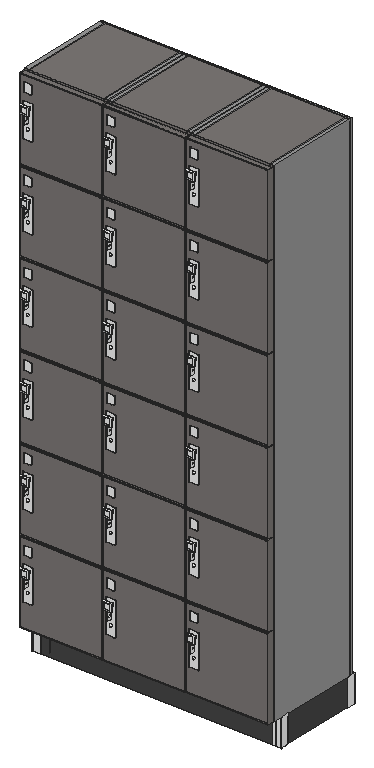
Revit family "Wood_Lockers_Hasps-Salsbury_Industries-46000_Series-3_Wide_Units.rfa", category Specialty Equipment, Revit 2016 (continued)
Definition of nested family "Premier Locker Doors_Hasp"
  Forms (in)
    Extrusion 12, solid
      sketch origin (-1.875, -0.375, 0) x (1, 0, 0) y (0, 0, 1)
        loop
          arc (-2.3125, 33.4375) -> (-2.22411, 33.47411) -> (-2.1875, 33.5625) r 0.125
          line (-2.1875, 33.5625) -> (-2.1875, 38.1875)
          arc (-2.1875, 38.1875) -> (-2.22411, 38.27589) -> (-2.3125, 38.3125) r 0.125
      from 0 to -0.062
    Extrusion 13, void
      sketch origin (-1.875, -0.375, 0) x (1, 0, 0) y (0, 0, 1)
        loop
          line (-3.1255, 36.6245) -> (-3.1255, 35.74816)
          arc (-3.1255, 35.74816) -> (-2.9375, 35.56016) -> (-2.7495, 35.74816) r 0.188
          line (-2.7495, 35.74816) -> (-2.7495, 36.6245)
          arc (-2.7495, 36.6245) -> (-2.9375, 36.8125) -> (-3.1255, 36.6245) r 0.188
      from 0 to -0.75
    Sweep 14, solid, detail levels medium+fine
      path origin (-1.875, -0.375, 0) x (1, 0, 0) y (0, 0, 1)
        loop
          circle (-2.9375, 34.8125) r 0.01
      profile origin (-4.8125, -0.375, 34.8225) x (0, 0, -1) y (0, -1, 0)
        loop
          line (0, 0) -> (0, 0.125)
          arc (0, 0.125) -> (-0.10032, 0.09036) -> (-0.156, 0) r 0.15776
          line (-0.156, 0) -> (0, 0)
    Extrusion 15, solid, detail levels medium+fine
      sketch origin (-1.875, -0.375, 0) x (1, 0, 0) y (0, 0, 1)
        loop
          circle (-2.9375, 34.8125) r 0.01
      from 0 to 0.125
    Sweep 16, solid
      path origin (-1.875, -0.375, 0) x (1, 0, 0) y (0, 0, 1)
        loop
          line (-3.5625, 38.1875) -> (-3.5625, 36.9375) -> (-2.3125, 36.9375) -> (-2.3125, 38.1875) -> (-3.5625, 38.1875)
      profile origin (-4.8125, -0.375, 38.1875) x (0, 0, 1) y (0, -1, 0)
        loop
          line (-0.38067, 0) -> (-0.38067, 0.24142)
          arc (-0.38067, 0.24142) -> (-0.34525, 0.34191) -> (-0.25465, 0.39797) r 0.16024
          arc (-0.25465, 0.39797) -> (-0.10494, 0.46941) -> (0, 0.59789) r 0.37946
          spline (0, 0.59789) -> (-0.00179, 0.61485) -> (-0.00715, 0.6316) -> (-0.01601, 0.64793) -> (-0.02825, 0.66364) -> (-0.04373, 0.67852) -> (-0.06225, 0.6924) -> (-0.08358, 0.7051) -> (-0.10745, 0.71647) -> (-0.13357, 0.72635) -> (-0.16161, 0.73463) -> (-0.19123, 0.74121) -> (-0.22204, 0.746)
          arc (-0.22204, 0.746) -> (-0.31051, 0.60028) -> (-0.42829, 0.47704) r 0.78682
          arc (-0.42829, 0.47704) -> (-0.50625, 0.37521) -> (-0.53396, 0.25) r 0.29673
          line (-0.53396, 0.25) -> (-0.53396, 0) -> (-0.38067, 0)
    Blend 17, solid
      base sketch origin (-1.875, -1.125, 0) x (0, 0, -1) y (-1, 0, 0)
        loop
          line (-37.96546, 3.34046) -> (-37.96546, 2.53454) -> (-37.15954, 2.53454) -> (-37.15954, 3.34046) -> (-37.96546, 3.34046)
      top sketch origin (-1.875, -1.125, 0) x (0, 0, -1) y (-1, 0, 0)
        loop
          line (-37.93279, 3.30777) -> (-37.93279, 2.56715) -> (-37.19211, 2.56715) -> (-37.19211, 3.30777) -> (-37.93279, 3.30777)
      from 0 to 0.031
    Extrusion 18, solid
      sketch origin (-4.8125, 0, 0) x (0, 0, -1) y (0, -1, 0)
        loop
          line (-35.6844, 1) -> (-36.6844, 1) -> (-36.6844, -0.375) -> (-35.6844, -0.375) -> (-35.6844, 1)
      from -0.063 to 0.063
    Extrusion 19, void
      sketch origin (-4.8125, 35.51803, 36.85077) x (0, 1, 0) y (0, 0, -1)
        loop
          circle (-36.1844, 0.66637) r 0.25
      from -0.063 to 0.063
  Cuts and joins
    Extrusion 5, Extrusion 13 cuts Extrusion 1
    Extrusion 5, Extrusion 11 cuts Extrusion 3
    Extrusion 13 cuts Extrusion 12
    Extrusion 13 cuts Extrusion 2
    Extrusion 19 cuts Extrusion 18
  Lines and regions (in)
    symbolic lines
      curve 1: line (-5.9375, 0.375, 0) -> (5.9375, 0.375, 0)
      curve 2: line (5.9375, 0.375, 0) -> (5.9375, 0.375, 71.75)
      curve 3: line (5.9375, 0.375, 71.75) -> (-5.9375, 0.375, 71.75)
      curve 4: line (-5.9375, 0.375, 71.75) -> (-5.9375, 0.375, 0)
      curve 5: line (-5.9375, 0.375, 71.625) -> (5.9375, 0.375, 71.625)
      curve 6: line (-5.9375, -0.375, 71.625) -> (-5.9375, 0.375, 71.625)
      curve 7: line (5.9375, -0.375, 71.625) -> (-5.9375, -0.375, 71.625)
      curve 8: line (5.9375, 0.375, 71.625) -> (5.9375, -0.375, 71.625)
      curve 9: line (5.3125, 0.375, 71.625) -> (5.3125, 0.625, 71.625)
      curve 10: line (5.3125, 0.625, 71.625) -> (4.8125, 0.625, 71.625)
      curve 11: line (4.8125, 0.625, 71.625) -> (4.8125, 0.375, 71.625)
      curve 12: line (-5.73713, 0.375, 71.625) -> (-5.73713, 0.625, 71.625)
      curve 13: line (-5.2375, 0.375, 71.625) -> (-5.2375, 0.625, 71.625)
      curve 14: line (-5.2375, 0.625, 71.625) -> (-5.73713, 0.625, 71.625)
      curve 15: line (-4.8125, -0.375, 71.75) -> (-4.8125, 0.375, 71.75)
      curve 16: line (-4.8125, -0.375, 0) -> (-4.8125, -0.375, 71.75)
      curve 17: line (-4.8125, 0.375, 0) -> (-4.8125, -0.375, 0)
      curve 18: line (-4.8125, 0.375, 71.75) -> (-4.8125, 0.375, 0)
      curve 19: line (-4.8125, 0.375, 69) -> (-4.8125, 0.625, 69)
      curve 20: line (-4.8125, 0.625, 69) -> (-4.8125, 0.625, 68.5)
      curve 21: line (-4.8125, 0.625, 68.5) -> (-4.8125, 0.375, 68.5)
      curve 22: line (-4.8125, 0.375, 3.25) -> (-4.8125, 0.625, 3.25)
      curve 23: line (-4.8125, 0.625, 3.25) -> (-4.8125, 0.625, 2.75)
      curve 24: line (-4.8125, 0.625, 2.75) -> (-4.8125, 0.375, 2.75)
      curve 25: line (-4.8125, 0.375, 36.125) -> (-4.8125, 0.625, 36.125)
      curve 26: line (-4.8125, 0.625, 36.125) -> (-4.8125, 0.625, 35.625)
      curve 27: line (-4.8125, 0.625, 35.625) -> (-4.8125, 0.375, 35.625)
      curve 28: line (-5.5625, -0.375, 71.625) -> (-4.0625, -0.375, 71.625)
      curve 29: line (-5.4375, -1.125, 38.3125) -> (-4.1875, -1.125, 38.3125)
      curve 30: arc (-4.0625, -1.125, 38.1875) -> (-4.09911, -1.125, 38.27589) -> (-4.1875, -1.125, 38.3125) r 0.125
      curve 31: arc (-5.4375, -1.125, 38.3125) -> (-5.52589, -1.125, 38.27589) -> (-5.5625, -1.125, 38.1875) r 0.125
      curve 32: line (-5.5625, -1.125, 33.5625) -> (-5.5625, -1.125, 38.1875)
      curve 33: line (-4.0625, -1.125, 38.1875) -> (-4.0625, -1.125, 33.5625)
      curve 34: arc (-4.1875, -1.125, 33.4375) -> (-4.09911, -1.125, 33.47411) -> (-4.0625, -1.125, 33.5625) r 0.125
      curve 35: arc (-5.5625, -1.125, 33.5625) -> (-5.52589, -1.125, 33.47411) -> (-5.4375, -1.125, 33.4375) r 0.125
      curve 36: line (-4.1875, -1.125, 33.4375) -> (-5.4375, -1.125, 33.4375)
      curve 37: arc (-4.6245, -1.125, 36.6245) -> (-4.8125, -1.125, 36.8125) -> (-5.0005, -1.125, 36.6245) r 0.188
      curve 38: arc (-5.0005, -1.125, 35.7505) -> (-4.8125, -1.125, 35.5625) -> (-4.6245, -1.125, 35.7505) r 0.188
      curve 39: line (-4.6245, -1.125, 36.6245) -> (-4.6245, -1.125, 35.7505)
      curve 40: line (-5.0005, -1.125, 35.7505) -> (-5.0005, -1.125, 36.6245)
      curve 41: line (-4.1875, -1.125, 36.9375) -> (-5.4375, -1.125, 36.9375)
      curve 42: line (-4.1875, -1.125, 38.1875) -> (-4.1875, -1.125, 36.9375)
      curve 43: line (-5.4375, -1.125, 36.9375) -> (-5.4375, -1.125, 38.1875)
      curve 44: line (-5.4375, -1.125, 38.1875) -> (-4.1875, -1.125, 38.1875)
      curve 45: line (-4.8755, -1.125, 36.6844) -> (-4.7495, -1.125, 36.6844)
      curve 46: line (-4.7495, -1.125, 36.6844) -> (-4.7495, -1.125, 35.6844)
      curve 47: line (-4.8755, -1.125, 35.6844) -> (-4.8755, -1.125, 36.6844)
      curve 48: line (-4.7495, -1.125, 35.6844) -> (-4.8755, -1.125, 35.6844)
      curve 49: line (-4.8125, -1, 36.6844) -> (-4.8125, -0.375, 36.6844)
      curve 50: line (-4.8125, -1, 35.6844) -> (-4.8125, -1, 36.6844)
      curve 51: line (-4.8125, -0.375, 35.6844) -> (-4.8125, -1, 35.6844)
      curve 52: arc (-4.8125, -0.91637, 36.1844) -> (-4.8125, -0.66637, 36.4344) -> (-4.8125, -0.41637, 36.1844) r 0.25
      curve 53: arc (-4.8125, -0.41637, 36.1844) -> (-4.8125, -0.66637, 35.9344) -> (-4.8125, -0.91637, 36.1844) r 0.25
      curve 54: line (-4.8125, -0.375, 37.31817) -> (-4.8125, -0.61642, 37.31817)
      curve 55: arc (-4.8125, -0.77297, 37.19215) -> (-4.8125, -0.71691, 37.28275) -> (-4.8125, -0.61642, 37.31817) r 0.16024
      curve 56: arc (-4.8125, -0.97289, 36.9375) -> (-4.8125, -0.84441, 37.04244) -> (-4.8125, -0.77297, 37.19215) r 0.37946
      curve 57: spline (-4.8125, -1.121, 37.15954) -> (-4.8125, -1.11621, 37.12873) -> (-4.8125, -1.10963, 37.09911) -> (-4.8125, -1.10135, 37.07107) -> (-4.8125, -1.09147, 37.04495) -> (-4.8125, -1.0801, 37.02108) -> (-4.8125, -1.0674, 36.99975) -> (-4.8125, -1.05352, 36.98123) -> (-4.8125, -1.03864, 36.96575) -> (-4.8125, -1.02293, 36.95351) -> (-4.8125, -1.0066, 36.94465) -> (-4.8125, -0.98985, 36.93929) -> (-4.8125, -0.97289, 36.9375)
      curve 58: line (-4.8125, -1.125, 37.15954) -> (-4.8125, -1.125, 37.96546)
      curve 59: spline (-4.8125, -1.121, 37.96546) -> (-4.8125, -1.11621, 37.99627) -> (-4.8125, -1.10963, 38.02589) -> (-4.8125, -1.10135, 38.05393) -> (-4.8125, -1.09147, 38.08005) -> (-4.8125, -1.0801, 38.10392) -> (-4.8125, -1.0674, 38.12525) -> (-4.8125, -1.05352, 38.14377) -> (-4.8125, -1.03864, 38.15925) -> (-4.8125, -1.02293, 38.17149) -> (-4.8125, -1.0066, 38.18035) -> (-4.8125, -0.98985, 38.18571) -> (-4.8125, -0.97289, 38.1875)
      curve 60: arc (-4.8125, -0.97289, 38.1875) -> (-4.8125, -0.84441, 38.08256) -> (-4.8125, -0.77297, 37.93285) r 0.37946
      curve 61: arc (-4.8125, -0.77297, 37.93285) -> (-4.8125, -0.71691, 37.84225) -> (-4.8125, -0.61642, 37.80683) r 0.16024
      curve 62: line (-4.8125, -0.61642, 37.80683) -> (-4.8125, -0.375, 37.80683)
      curve 63: line (-5.05683, -0.61642, 71.625) -> (-5.05683, -0.375, 71.625)
      curve 64: arc (-5.18285, -0.77297, 71.625) -> (-5.09225, -0.71691, 71.625) -> (-5.05683, -0.61642, 71.625) r 0.16024
      curve 65: arc (-5.4375, -0.97289, 71.625) -> (-5.33256, -0.84441, 71.625) -> (-5.18285, -0.77297, 71.625) r 0.37946
      curve 66: line (-4.40954, -1.125, 71.625) -> (-5.21546, -1.125, 71.625)
      curve 67: spline (-4.40954, -1.121, 71.625) -> (-4.37873, -1.11621, 71.625) -> (-4.34911, -1.10963, 71.625) -> (-4.32107, -1.10135, 71.625) -> (-4.29495, -1.09147, 71.625) -> (-4.27108, -1.0801, 71.625) -> (-4.24975, -1.0674, 71.625) -> (-4.23123, -1.05352, 71.625) -> (-4.21575, -1.03864, 71.625) -> (-4.20351, -1.02293, 71.625) -> (-4.19465, -1.0066, 71.625) -> (-4.18929, -0.98985, 71.625) -> (-4.1875, -0.97289, 71.625)
      curve 68: arc (-4.1875, -0.97289, 71.625) -> (-4.29244, -0.84441, 71.625) -> (-4.44215, -0.77297, 71.625) r 0.37946
      curve 69: arc (-4.44215, -0.77297, 71.625) -> (-4.53275, -0.71691, 71.625) -> (-4.56817, -0.61642, 71.625) r 0.16024
      curve 70: line (-4.56817, -0.375, 71.625) -> (-4.56817, -0.61642, 71.625)
      curve 71: spline (-5.21546, -1.121, 71.625) -> (-5.24627, -1.11621, 71.625) -> (-5.27589, -1.10963, 71.625) -> (-5.30393, -1.10135, 71.625) -> (-5.33005, -1.09147, 71.625) -> (-5.35392, -1.0801, 71.625) -> (-5.37525, -1.0674, 71.625) -> (-5.39377, -1.05352, 71.625) -> (-5.40925, -1.03864, 71.625) -> (-5.42149, -1.02293, 71.625) -> (-5.43035, -1.0066, 71.625) -> (-5.43571, -0.98985, 71.625) -> (-5.4375, -0.97289, 71.625)
    reference lines
      curve 72: line (-5.9375, 0, 71.75) -> (5.3435, 0, 71.75)
      curve 73: line (5.3435, 0, 71.75) -> (-5.9375, 0, 71.75)
  Dimensions and locks (in)
    equal spacing: plane 4 "Left Side of Door", plane 3 "Center (Left/Right)", plane 5 "Right Side of Door"
    "Width": plane 4 "Left Side of Door" to plane 5 "Right Side of Door"
    equal spacing: plane 7 "Front of Door", plane 1 "Center (Front/Back)", plane 6 "Back of Door"
    "Depth": plane 7 "Front of Door" to plane 6 "Back of Door"
    equal spacing: plane 9 "Top of Door", plane 10 "Center of Door", plane 8 "Bottom of Door"
    "Height": plane 9 "Top of Door" to plane 8 "Bottom of Door"
    equal spacing: plane 11 "Top of Number Tag", plane 16 "Center of Number Tag", plane 12 "Bottom of Number Tag"
    "Number Tag Height": plane 11 "Top of Number Tag" to plane 12 "Bottom of Number Tag"
    equal spacing: plane 14 "Right Side of Number Tag", plane 15 "Horizontal Center of Number Tag", plane 13 "Left Side of Number Tag"
    "Number Tag Width": plane 14 "Right Side of Number Tag" to plane 13 "Left Side of Number Tag"
    "Number Tag-Horizontal Offset": plane 15 "Horizontal Center of Number Tag" to plane 5 "Right Side of Door"
    "Number Tag-Vertical Offset": plane 9 "Top of Door" to plane 16 "Center of Number Tag"
    "Lock Horizontal Offset": plane 4 "Left Side of Door" to plane 17 "Left Side of Lock"
    equal spacing: plane 20 "Top of Lock", plane 19 "Lock Vertical Center", plane 21 "Bottom of Lock"
    "Lock Height": plane 20 "Top of Lock" to plane 21 "Bottom of Lock"
    "Lock Vertical Offset": plane 9 "Top of Door" to plane 19 "Lock Vertical Center"
    plane 22 "Front of Hasp Stud" to plane 7 "Front of Door" = 0.125"
    locked: plane 24 "Right Side of Door-Left Side of Trim" to plane 5 "Right Side of Door" at 0.125
    locked: plane 4 "Left Side of Door" to plane 23 "Left Side of Door-Right Side of Trim" at 0.125
    locked: plane 9 "Top of Door" to plane 25 "Top of Door-Bottom of Trim" at 0.125
    plane 26 "Bottom of Door-Top of Trim" to plane 8 "Bottom of Door" = 0.125"
    plane 28 "Melamine-Particleboard Line" to plane 6 "Back of Door" = 0.031"
    plane 7 "Front of Door" to plane 27 "Laminate-Particleboard Line" = 0.031"
    plane 27 "Laminate-Particleboard Line" to plane 29 "Back of Number Plate Inset" = 0.031"
    equal spacing: plane 18 "Right Side of Lock", plane 30 "Center of Lock", plane 17 "Left Side of Lock", locked at 0.75 each
    "Lock Width": plane 18 "Right Side of Lock" to plane 17 "Left Side of Lock"
    plane 22 "Front of Hasp Stud" to plane 31 = 0.312"
    plane 6 "Back of Door" to plane 32 "Door Stopper Plane" = 0.250"
    locked: plane 23 "Left Side of Door-Right Side of Trim" to plane 33 at 0.325
    locked: plane 25 "Top of Door-Bottom of Trim" to plane 34 at 0.325
    locked: plane 9 "Top of Door" to plane 35 "Top Hinge" at 3
    plane 36 to plane 5 "Right Side of Door" = 0.625"
    plane 6 "Back of Door" to plane 28 "Melamine-Particleboard Line" = 0.031"
    plane 9 "Top of Door" to plane 25 "Top of Door-Bottom of Trim" = 0.125"
    plane 7 "Front of Door" to plane 38 "Inner Knob" = 0.719"
    locked: plane 38 "Inner Knob" to plane 39 "Front of Knob" at 0.031
    locked: plane 40 to plane 20 "Top of Lock" at 1.125
    locked: plane 21 "Bottom of Lock" to plane 41 at 1.125
    locked: plane 20 "Top of Lock" to plane 42 at 0.125
    locked: plane 18 "Right Side of Lock" to plane 43 at 0.125
    locked: plane 44 to plane 17 "Left Side of Lock" at 0.125
    plane 42 to plane 45 = 1.250"
    locked: plane 45 to plane 46 "Top of Hole" at 0.125
    plane 48 to plane 30 "Center of Lock" to plane 47 = 0.188" locked, 0.188" locked
    locked: plane 46 "Top of Hole" to plane 49 "Bottom of Hole" at 1.25
    plane 49 "Bottom of Hole" to plane 50 "Stud Alignment" = 0.750"
    locked: plane 42 to plane 51 "Center of Handle" at 0.625
    plane 52 to plane 51 "Center of Handle" to plane 53 = 0.188" locked, 0.188" locked
    plane 7 "Front of Door" to plane 39 "Front of Knob" = 0.750"
    locked: plane 42 to plane 54 at 0.22204
    locked: plane 55 to plane 45 at 0.22204
    locked: plane 7 "Front of Door" to plane 56 "Front of Latch" at 0.625
    locked: plane 57 to plane 58 at 1
    locked: plane 46 "Top of Hole" to plane 57 at 0.1281
    equal spacing: plane 58, plane 59, plane 57
    locked: plane 60 to plane 5 "Right Side of Door" at 0.594
    locked: plane 57 to plane 61 at 0.0599
    locked: plane 62 to plane 58 at 0.06376
    plane 12 "Bottom of Number Tag" to plane 20 "Top of Lock" = 1.1875"
    aligned and locked: level to plane 2
    aligned and locked: Extrusion 5 to plane 11 "Top of Number Tag"
    aligned and locked: plane 12 "Bottom of Number Tag" to Extrusion 5
    aligned and locked: Extrusion 5 to plane 14 "Right Side of Number Tag"
    aligned and locked: Extrusion 5 to plane 13 "Left Side of Number Tag"
    aligned and locked: plane 29 "Back of Number Plate Inset" to Extrusion 5
    aligned and locked: plane 7 "Front of Door" to Extrusion 5
    aligned and locked: plane 29 "Back of Number Plate Inset" to Extrusion 6
    aligned and locked: plane 7 "Front of Door" to Extrusion 6
    aligned and locked: Extrusion 6 to plane 14 "Right Side of Number Tag"
    aligned and locked: Extrusion 6 to plane 13 "Left Side of Number Tag"
    aligned and locked: Extrusion 6 to plane 11 "Top of Number Tag"
    aligned and locked: plane 12 "Bottom of Number Tag" to Extrusion 6
    aligned and locked: curve 9 to Extrusion 8
    aligned and locked: curve 10 to Extrusion 8
    aligned and locked: curve 11 to Extrusion 8
    aligned and locked: Extrusion 7 to curve 12
    aligned and locked: curve 14 to Extrusion 7
    aligned and locked: curve 16 to plane 7 "Front of Door"
    aligned and locked: curve 19 to Extrusion 8  (x2)
    aligned and locked: curve 21 to Extrusion 8
    aligned and locked: curve 18 to curve 22
    aligned and locked: curve 22 to Extrusion 9  (x2)
    aligned and locked: curve 24 to Extrusion 9
    aligned and locked: curve 25 to Extrusion 10
    aligned and locked: curve 26 to Extrusion 10
    aligned and locked: curve 27 to Extrusion 10
    aligned and locked: plane 20 "Top of Lock" to Extrusion 11 sketch curve
    aligned and locked: Extrusion 11 sketch curve to plane 21 "Bottom of Lock"
    aligned and locked: Extrusion 11 to plane 29 "Back of Number Plate Inset"
    aligned and locked: plane 7 "Front of Door" to Extrusion 11
    aligned and locked: Extrusion 3 to Extrusion 11
    aligned and locked: plane 50 "Stud Alignment" to Sweep 14  (x2)
    aligned and locked: Extrusion 15 to plane 7 "Front of Door"
    aligned and locked: Extrusion 15 to plane 22 "Front of Hasp Stud"
    aligned and locked: plane 50 "Stud Alignment" to Extrusion 15
    aligned and locked: Blend 17 to plane 39 "Front of Knob"
    aligned and locked: plane 38 "Inner Knob" to Blend 17
    aligned and locked: plane 6 "Back of Door" to Extrusion 18 sketch curve
    aligned and locked: plane 56 "Front of Latch" to Extrusion 18 sketch curve
    aligned and locked: Extrusion 18 to plane 57
    aligned and locked: plane 58 to Extrusion 18
    aligned and locked: plane 59 to cut or joined group of Extrusion 18, Extrusion 19
    aligned and locked: plane 61 to Extrusion 13 sketch curve  (x2)
    aligned and locked: plane 62 to Extrusion 13 sketch curve  (x2)
  Automatic sketch dimensions
    Extrusion 1 sketch curve to plane 4 "Left Side of Door" = 0.031"
    plane 5 "Right Side of Door" to Extrusion 1 sketch curve = 0.031"
    level to Extrusion 1 sketch curve = 0.031"
    plane 9 "Top of Door" to Extrusion 1 sketch curve = 0.031"
    Extrusion 2 sketch curve to plane 4 "Left Side of Door" = 0.031"
    plane 5 "Right Side of Door" to Extrusion 2 sketch curve = 0.031"
    level to Extrusion 2 sketch curve = 0.031"
    plane 9 "Top of Door" to Extrusion 2 sketch curve = 0.031"
    Extrusion 3 sketch curve to plane 4 "Left Side of Door" = 0.031"
    plane 5 "Right Side of Door" to Extrusion 3 sketch curve = 0.031"
    level to Extrusion 3 sketch curve = 0.031"
    plane 9 "Top of Door" to Extrusion 3 sketch curve = 0.031"
    plane 23 "Left Side of Door-Right Side of Trim" to Sweep 4 sketch curve = 0.000"
    plane 24 "Right Side of Door-Left Side of Trim" to Sweep 4 sketch curve = 0.000"  (x2)
    Sweep 4 sketch curve to plane 26 "Bottom of Door-Top of Trim" = 0.000"
    Sweep 4 sketch curve to plane 25 "Top of Door-Bottom of Trim" = 0.000"
    profile plane to Sweep 4 sketch curve = 0.125"
    Sweep 4 sketch curve to Sweep 4 sketch curve = 0.031"
    Sweep 4 sketch curve to plane 1 "Center (Front/Back)" = 0.375"
    plane 1 "Center (Front/Back)" to Sweep 4 sketch curve = 0.375"
    Extrusion 7 sketch curve to plane 33 = 0.000"
    Extrusion 7 sketch curve to plane 34 = 0.000"
    plane 36 to Extrusion 8 sketch curve = 0.000"
    Extrusion 8 sketch curve to Extrusion 8 sketch curve = 0.500"
    plane 35 "Top Hinge" to Extrusion 8 sketch curve = 0.250"
    Extrusion 8 sketch curve to plane 35 "Top Hinge" = 0.250"
    plane 36 to Extrusion 9 sketch curve = 0.000"
    Extrusion 9 sketch curve to Extrusion 9 sketch curve = 0.500"
    plane 37 "Bottom Hinge" to Extrusion 9 sketch curve = 0.250"
    Extrusion 9 sketch curve to plane 37 "Bottom Hinge" = 0.250"
    plane 36 to Extrusion 10 sketch curve = 0.000"
    Extrusion 10 sketch curve to Extrusion 10 sketch curve = 0.500"
    curve 4 to level = 0.000"
    plane 4 "Left Side of Door" to curve 4 = 0.000"
    plane 5 "Right Side of Door" to curve 3 = 0.000"
    curve 3 to plane 9 "Top of Door" = 0.000"
    Extrusion 5 sketch curve to plane 13 "Left Side of Number Tag" = 0.000"
    Extrusion 5 sketch curve to plane 12 "Bottom of Number Tag" = 0.000"
    Extrusion 5 sketch curve to plane 11 "Top of Number Tag" = 0.000"
    Extrusion 5 sketch curve to plane 14 "Right Side of Number Tag" = 0.000"
    Extrusion 6 sketch curve to plane 13 "Left Side of Number Tag" = 0.000"
    Extrusion 6 sketch curve to plane 12 "Bottom of Number Tag" = 0.000"
    Extrusion 6 sketch curve to plane 11 "Top of Number Tag" = 0.000"
    Extrusion 6 sketch curve to plane 14 "Right Side of Number Tag" = 0.000"
    Extrusion 11 sketch curve to plane 13 "Left Side of Number Tag" = 0.125"
    Extrusion 10 sketch curve to plane 10 "Center of Door" = 0.250"
    plane 10 "Center of Door" to Extrusion 10 sketch curve = 0.250"
    Extrusion 11 sketch curve to plane 21 "Bottom of Lock" = 0.125"
    plane 13 "Left Side of Number Tag" to Extrusion 5 sketch curve = 0.14916"
    Extrusion 5 sketch curve to Extrusion 5 sketch curve = 0.14916"  (x2)
    plane 13 "Left Side of Number Tag" to Extrusion 6 sketch curve = 0.14916"
    Extrusion 6 sketch curve to plane 12 "Bottom of Number Tag" = 0.14916"
    plane 13 "Left Side of Number Tag" to Extrusion 11 sketch curve = 0.000"  (x2)
    Extrusion 5 sketch curve to plane 12 "Bottom of Number Tag" = 0.14916"
    Extrusion 6 sketch curve to plane 14 "Right Side of Number Tag" = 0.14916"  (x2)
    plane 14 "Right Side of Number Tag" to Extrusion 11 sketch curve = 0.000"  (x2)
    Extrusion 12 sketch curve to plane 17 "Left Side of Lock" = 0.000"
    plane 13 "Left Side of Number Tag" to Extrusion 12 sketch curve = 0.000"  (x2)
    plane 14 "Right Side of Number Tag" to Extrusion 12 sketch curve = 0.000"  (x2)
    Extrusion 12 sketch curve to plane 20 "Top of Lock" = 0.000"
    Extrusion 12 sketch curve to plane 18 "Right Side of Lock" = 0.000"
    Extrusion 12 sketch curve to plane 21 "Bottom of Lock" = 0.125"
    plane 15 "Horizontal Center of Number Tag" to Sweep 14 sketch curve = 0.000"
    Sweep 14 sketch curve to plane 50 "Stud Alignment" = 0.000"
    Sweep 14 sketch curve to plane 7 "Front of Door" = 0.000"
    Sweep 14 sketch curve to profile plane = 0.000"
    profile plane to Sweep 14 sketch curve = 0.00168"
    profile plane to Sweep 14 sketch curve = 0.156"
    Sweep 14 sketch curve to plane 7 "Front of Door" = 0.03275"
    Extrusion 15 sketch curve to Extrusion 15 sketch curve = 0.000"  (x2)
    Extrusion 15 sketch curve to plane 50 "Stud Alignment" = 0.000"
    plane 15 "Horizontal Center of Number Tag" to Extrusion 15 sketch curve = 0.000"
    plane 15 "Horizontal Center of Number Tag" to Extrusion 15 sketch curve = 0.010"
    plane 13 "Left Side of Number Tag" to Sweep 16 sketch curve = 0.000"
    plane 14 "Right Side of Number Tag" to Sweep 16 sketch curve = 0.000"
    Sweep 16 sketch curve to plane 45 = 0.000"
    Sweep 16 sketch curve to plane 42 = 0.000"
    Sweep 16 sketch curve to plane 7 "Front of Door" = 0.000"
    profile plane to Sweep 16 sketch curve = 0.000"
    profile plane to Sweep 16 sketch curve = 0.22043"
    Sweep 16 sketch curve to Sweep 16 sketch curve = 0.01681"
    profile plane to Sweep 16 sketch curve = 0.33926"
    Sweep 16 sketch curve to Sweep 16 sketch curve = 0.14344"
    Sweep 16 sketch curve to Sweep 16 sketch curve = 0.15329"
    Sweep 16 sketch curve to Sweep 16 sketch curve = 0.59563"
    Sweep 16 sketch curve to Sweep 16 sketch curve = 0.24142"
    Sweep 16 sketch curve to Sweep 16 sketch curve = 0.00858"
    Sweep 16 sketch curve to Sweep 16 sketch curve = 0.51788"
    Sweep 16 sketch curve to Sweep 16 sketch curve = 0.31119"
    Sweep 16 sketch curve to Sweep 16 sketch curve = 0.11721"
    Sweep 16 sketch curve to Sweep 16 sketch curve = 0.01742"
    Sweep 16 sketch curve to Sweep 16 sketch curve = 0.06553"
    Sweep 16 sketch curve to Sweep 16 sketch curve = 0.000"
    Blend 17 sketch curve to plane 54 = 0.000"
    Blend 17 sketch curve to plane 55 = 0.000"
    Blend 17 sketch curve to plane 47 = 0.21496"
    plane 48 to Blend 17 sketch curve = 0.21496"
    plane 54 to Blend 17 sketch curve = 0.03267"
    Blend 17 sketch curve to plane 40 = 0.00461"
    Blend 17 sketch curve to plane 47 = 0.18235"
    plane 48 to Blend 17 sketch curve = 0.18227"
    Extrusion 18 sketch curve to plane 57 = 0.000"
    Extrusion 18 sketch curve to plane 58 = 0.000"
    plane 59 to Extrusion 19 sketch curve = 0.000"
    Extrusion 19 sketch curve to plane 22 "Front of Hasp Stud" = 0.16637"
    curve 29 to plane 14 "Right Side of Number Tag" = 0.000"
    curve 29 to plane 20 "Top of Lock" = 0.000"
    curve 30 to plane 18 "Right Side of Lock" = 0.000"
    curve 29 to plane 13 "Left Side of Number Tag" = 0.000"
    curve 31 to plane 42 = 0.000"
    curve 32 to plane 21 "Bottom of Lock" = 0.125"
    curve 34 to plane 14 "Right Side of Number Tag" = 0.000"
    curve 35 to plane 13 "Left Side of Number Tag" = 0.000"
    plane 15 "Horizontal Center of Number Tag" to curve 37 = 0.000"
    plane 47 to curve 37 = 0.000"
    plane 57 to curve 37 = 0.0599"
    curve 39 to plane 58 = 0.0661"
    curve 42 to plane 14 "Right Side of Number Tag" = 0.000"
    curve 41 to plane 13 "Left Side of Number Tag" = 0.000"
    curve 41 to plane 45 = 0.000"
    curve 43 to plane 42 = 0.000"
    curve 46 to plane 57 = 0.000"
    curve 46 to plane 15 "Horizontal Center of Number Tag" = 0.063"
    plane 15 "Horizontal Center of Number Tag" to curve 45 = 0.063"
    curve 47 to plane 58 = 0.000"
    curve 15 to plane 6 "Back of Door" = 0.000"
    plane 9 "Top of Door" to curve 15 = 0.000"
    plane 57 to curve 49 = 0.000"
    curve 51 to plane 56 "Front of Latch" = 0.000"
    plane 58 to curve 51 = 0.000"
    curve 17 to level = 0.000"
    plane 59 to curve 52 = 0.000"
    curve 53 to plane 22 "Front of Hasp Stud" = 0.16637"
    plane 7 "Front of Door" to curve 53 = 0.04137"
    plane 53 to curve 54 = 0.05633"
    curve 54 to plane 22 "Front of Hasp Stud" = 0.11642"
    plane 55 to curve 55 = 0.00161"
    curve 55 to plane 40 = 0.00465"
    plane 45 to curve 56 = 0.000"
    curve 56 to plane 39 "Front of Knob" = 0.01788"
    curve 56 to plane 40 = 0.08926"
    plane 55 to curve 57 = 0.000"
    curve 57 to plane 40 = 0.03757"
    plane 39 "Front of Knob" to curve 57 = 0.004"
    plane 42 to curve 60 = 0.000"
    curve 58 to plane 39 "Front of Knob" = 0.000"
    plane 54 to curve 58 = 0.000"
    plane 54 to curve 59 = 0.000"
    plane 55 to curve 58 = 0.000"
    curve 60 to plane 39 "Front of Knob" = 0.01788"
    curve 60 to plane 52 = 0.09774"
    plane 54 to curve 60 = 0.03261"
    plane 56 "Front of Latch" to curve 59 = 0.02711"
    plane 54 to curve 59 = 0.06553"
    plane 39 "Front of Knob" to curve 59 = 0.004"
    curve 61 to plane 54 = 0.00161"
    curve 61 to plane 22 "Front of Hasp Stud" = 0.11642"
    plane 6 "Back of Door" to curve 9 = 0.000"
    curve 6 to plane 4 "Left Side of Door" = 0.000"
    plane 7 "Front of Door" to curve 6 = 0.000"
    plane 7 "Front of Door" to curve 28 = 0.000"
    curve 67 to plane 14 "Right Side of Number Tag" = 0.000"
    curve 65 to plane 13 "Left Side of Number Tag" = 0.000"
    curve 66 to plane 39 "Front of Knob" = 0.000"
    curve 28 to plane 17 "Left Side of Lock" = 0.000"
    curve 28 to plane 18 "Right Side of Lock" = 0.000"
    curve 8 to plane 5 "Right Side of Door" = 0.000"
    curve 64 to plane 22 "Front of Hasp Stud" = 0.11642"
    curve 69 to plane 22 "Front of Hasp Stud" = 0.11642"
    curve 68 to plane 39 "Front of Knob" = 0.01788"
    curve 65 to plane 39 "Front of Knob" = 0.01788"
    curve 14 to plane 23 "Left Side of Door-Right Side of Trim" = 0.07537"
    plane 48 to curve 64 = 0.21657"
    plane 48 to curve 65 = 0.09774"
    plane 48 to curve 63 = 0.05633"
    curve 70 to plane 47 = 0.05633"
    curve 68 to plane 47 = 0.09774"
    curve 69 to curve 69 = 0.16024"
    curve 64 to curve 65 = 0.15655"
    curve 69 to curve 68 = 0.15655"
    plane 39 "Front of Knob" to curve 67 = 0.004"
    plane 33 to curve 14 = 0.250"
    curve 66 to curve 65 = 0.11721"
    curve 67 to plane 47 = 0.14943"
    curve 68 to curve 66 = 0.11721"
    curve 67 to curve 66 = 0.000"
    plane 39 "Front of Knob" to curve 71 = 0.004"
    curve 71 to curve 66 = 0.000"
    plane 48 to curve 71 = 0.14943"
    plane 1 "Center (Front/Back)" to curve 73 = 0.000"
    curve 73 to plane 4 "Left Side of Door" = 0.000"
    curve 73 to plane 60 = 0.000"
    plane 48 to Extrusion 13 sketch curve = 0.000"
    plane 15 "Horizontal Center of Number Tag" to Extrusion 13 sketch curve = 0.000"
    radius of Extrusion 7 sketch curve = 0.250"
    radius of Sweep 14 sketch curve = 0.010"
    radius of Extrusion 19 sketch curve = 0.250"
Definition of nested family "Wood Locker Bases"
  Parameters (values of type "Base - 36" W x 15" D Lockers")
    Width = 36.000"
    Visible Base = yes
    Visible = yes
    Model = "Base - 36\" W x 15\" D Lockers"
    Manufacturer = "Salsbury Industries"
    Height = 4.000"
    Depth = 13.250"
    Base Secondary Material = none
    Base Primary Materials = none
    Base Hardware = none
  Types (14): name | Width | Visible Base | Visible | Model | Depth
    (no name) | 36.000" | yes | yes | "Base - 36\" W x 15\" D Lockers" | 13.250"
    Base - 12" W x 15" D Lockers | 12.000" | yes | no | "Base - 12\" W x 15\" D Lockers" | 13.250"
    Base - 12" W x 18" D Lockers | 12.000" | yes | no | "Base - 12\" W x 18\" D Lockers" | 16.250"
    Base - 12" W x 21" D Lockers | 12.000" | yes | no | "Base - 12\" W x 21\" D Lockers" | 19.250"
    Base - 36" W x 15" D Lockers | 36.000" | yes | yes | "Base - 36\" W x 15\" D Lockers" | 13.250"
    Base - 36" W x 18" D Lockers | 36.000" | yes | yes | "Base - 36\" W x 18\" D Lockers" | 16.250"
    Base - 36" W x 21" D Lockers | 36.000" | yes | yes | "Base - 36\" W x 21\" D Lockers" | 19.250"
    Base - 15" W x 18" D Lockers | 15.000" | yes | no | "Base - 15\" W x 18\" D Lockers" | 16.250"
    Base - 15" W x 21" D Lockers | 15.000" | yes | no | "Base - 15\" W x 21\" D Lockers" | 19.250"
    Base - 15" W x 24" D Lockers | 15.000" | yes | no | "Base - 15\" W x 24\" D Lockers" | 22.250"
    Base - 45" W x 18" D Lockers | 45.000" | yes | yes | "Base - 45\" W x 18\" D Lockers" | 16.250"
    Base - 45" W x 21" D Lockers | 45.000" | yes | yes | "Base - 45\" W x 21\" D Lockers" | 19.250"
    Base - 45" W x 24" D Lockers | 45.000" | yes | yes | "Base - 45\" W x 24\" D Lockers" | 22.250"
    None | 12.000" | no | no | "Base - 12\" W x 15\" D Lockers" | 13.250"
  Reference planes (in)
    plane 1 "Center (Front/Back)": y = 0
    plane 2: z = 0
    plane 3 "Center (Left/Right)": x = 0
    plane 4 "Left Edge": x = -18
    plane 5 "Right Edge": x = 18
    plane 6 "Back Edge": y = 6.625
    plane 7 "Front Edge": y = -6.625
    plane 8 "Bottom Edge": z = 0
    plane 9 "Top Edge": z = 4
    plane 10: x = -16.75
    plane 11: x = -16.102
    plane 12: y = 6.562
    plane 13: y = 5.8
    plane 14: x = -17.131
    plane 15: x = -17.256
    plane 16: x = -17.937
    plane 17: x = -17.175
    plane 18: y = 4.727
    plane 19: y = 5.375
    plane 20: y = 5.756
    plane 21: y = 5.881
    plane 22: x = -17.931
    plane 23: x = 17.931
    plane 24: y = 6.556
    plane 25: y = -6.556
    plane 26: y = 6.525
    plane 27: y = -6.525
    plane 28: x = -17.9
    plane 29: x = 17.9
    plane 30: x = -2.375
    plane 31: x = 2.375
  Forms (in)
    Extrusion 1, solid, material <- "Base Hardware", visible <- "Visible Base"
      sketch origin (0, 0, 0) x (1, 0, 0) y (0, 1, 0)
        loop
          arc (-17.96712, 6.625) -> (-17.99098, 6.61598) -> (-18, 6.59212) r 0.031
          line (-18, 6.59212) -> (-18, 5.4065)
          arc (-18, 5.4065) -> (-17.9685, 5.375) -> (-17.937, 5.4065) r 0.0315
          line (-17.937, 5.4065) -> (-17.937, 5.756) -> (-17.837, 5.756) -> (-17.837, 5.819) -> (-17.937, 5.819) -> (-17.937, 6.51465) -> (-17.256, 5.83365) -> (-17.256, 5.756) -> (-17.175, 5.756) -> (-17.175, 4.75833)
          arc (-17.175, 4.75833) -> (-17.14367, 4.727) -> (-17.11235, 4.75833) r 0.03133
          line (-17.11235, 4.75833) -> (-17.11235, 5.73703) -> (-16.13348, 5.73703)
          arc (-16.13348, 5.73703) -> (-16.102, 5.76852) -> (-16.13348, 5.8) r 0.03148
          line (-16.13348, 5.8) -> (-17.131, 5.8) -> (-17.131, 5.881) -> (-17.21422, 5.881) -> (-17.89522, 6.562) -> (-17.194, 6.562) -> (-17.194, 6.462) -> (-17.131, 6.462) -> (-17.131, 6.562) -> (-16.7814, 6.562)
          arc (-16.7814, 6.562) -> (-16.7499, 6.5935) -> (-16.7814, 6.625) r 0.0315
          line (-16.7814, 6.625) -> (-17.96712, 6.625)
      from 0 to 4
    Extrusion 2, solid, material <- "Base Hardware", visible <- "Visible Base"
      sketch origin (0, 0, 0) x (-1, 0, 0) y (0, -1, 0)
        loop
          line (-17.96712, -6.625) -> (-16.7814, -6.625)
          arc (-16.7814, -6.625) -> (-16.7499, -6.5935) -> (-16.7814, -6.562) r 0.0315
          line (-16.7814, -6.562) -> (-17.131, -6.562) -> (-17.131, -6.462) -> (-17.194, -6.462) -> (-17.194, -6.562) -> (-17.89522, -6.562) -> (-17.21422, -5.881) -> (-17.131, -5.881) -> (-17.131, -5.8) -> (-16.13348, -5.8)
          arc (-16.13348, -5.8) -> (-16.102, -5.76852) -> (-16.13348, -5.73703) r 0.03148
          line (-16.13348, -5.73703) -> (-17.11235, -5.73703) -> (-17.11235, -4.75833)
          arc (-17.11235, -4.75833) -> (-17.14367, -4.727) -> (-17.175, -4.75833) r 0.03133
          line (-17.175, -4.75833) -> (-17.175, -5.756) -> (-17.256, -5.756) -> (-17.256, -5.83365) -> (-17.937, -6.51465) -> (-17.937, -5.819) -> (-17.837, -5.819) -> (-17.837, -5.756) -> (-17.937, -5.756) -> (-17.937, -5.4065)
          arc (-17.937, -5.4065) -> (-17.9685, -5.375) -> (-18, -5.4065) r 0.0315
          line (-18, -5.4065) -> (-18, -6.59212)
          arc (-18, -6.59212) -> (-17.99098, -6.61598) -> (-17.96712, -6.625) r 0.031
      from 0 to 4
    Extrusion 3, solid, material <- "Base Hardware", visible <- "Visible Base"
      sketch origin (0, 0, 0) x (1, 0, 0) y (0, 1, 0)
        loop
          line (-17.96712, -6.625) -> (-16.7814, -6.625)
          arc (-16.7814, -6.625) -> (-16.7499, -6.5935) -> (-16.7814, -6.562) r 0.0315
          line (-16.7814, -6.562) -> (-17.131, -6.562) -> (-17.131, -6.462) -> (-17.194, -6.462) -> (-17.194, -6.562) -> (-17.89522, -6.562) -> (-17.21422, -5.881) -> (-17.131, -5.881) -> (-17.131, -5.8) -> (-16.13348, -5.8)
          arc (-16.13348, -5.8) -> (-16.102, -5.76852) -> (-16.13348, -5.73703) r 0.03148
          line (-16.13348, -5.73703) -> (-17.11235, -5.73703) -> (-17.11235, -4.75833)
          arc (-17.11235, -4.75833) -> (-17.14367, -4.727) -> (-17.175, -4.75833) r 0.03133
          line (-17.175, -4.75833) -> (-17.175, -5.756) -> (-17.256, -5.756) -> (-17.256, -5.83365) -> (-17.937, -6.51465) -> (-17.937, -5.819) -> (-17.837, -5.819) -> (-17.837, -5.756) -> (-17.937, -5.756) -> (-17.937, -5.4065)
          arc (-17.937, -5.4065) -> (-17.9685, -5.375) -> (-18, -5.4065) r 0.0315
          line (-18, -5.4065) -> (-18, -6.59212)
          arc (-18, -6.59212) -> (-17.99098, -6.61598) -> (-17.96712, -6.625) r 0.031
      from 0 to 4
    Extrusion 4, solid, material <- "Base Hardware", visible <- "Visible Base"
      sketch origin (0, 0, 0) x (-1, 0, 0) y (0, -1, 0)
        loop
          arc (-17.96712, 6.625) -> (-17.99098, 6.61598) -> (-18, 6.59212) r 0.031
          line (-18, 6.59212) -> (-18, 5.4065)
          arc (-18, 5.4065) -> (-17.9685, 5.375) -> (-17.937, 5.4065) r 0.0315
          line (-17.937, 5.4065) -> (-17.937, 5.756) -> (-17.837, 5.756) -> (-17.837, 5.819) -> (-17.937, 5.819) -> (-17.937, 6.51465) -> (-17.256, 5.83365) -> (-17.256, 5.756) -> (-17.175, 5.756) -> (-17.175, 4.75833)
          arc (-17.175, 4.75833) -> (-17.14367, 4.727) -> (-17.11235, 4.75833) r 0.03133
          line (-17.11235, 4.75833) -> (-17.11235, 5.73703) -> (-16.13348, 5.73703)
          arc (-16.13348, 5.73703) -> (-16.102, 5.76852) -> (-16.13348, 5.8) r 0.03148
          line (-16.13348, 5.8) -> (-17.131, 5.8) -> (-17.131, 5.881) -> (-17.21422, 5.881) -> (-17.89522, 6.562) -> (-17.194, 6.562) -> (-17.194, 6.462) -> (-17.131, 6.462) -> (-17.131, 6.562) -> (-16.7814, 6.562)
          arc (-16.7814, 6.562) -> (-16.7499, 6.5935) -> (-16.7814, 6.625) r 0.0315
          line (-16.7814, 6.625) -> (-17.96712, 6.625)
      from 0 to 4
    Extrusion 5, solid, material <- "Base Secondary Material", visible <- "Visible Base"
      sketch origin (0, 0, 0) x (0, -1, 0) y (1, 0, 0)
        loop
          line (-5.756, 17.9) -> (-5.756, 17.181) -> (5.75697, 17.181) -> (5.75697, 17.9) -> (-5.756, 17.9)
      from 0 to 4
    Extrusion 6, solid, material <- "Base Secondary Material", visible <- "Visible Base"
      sketch origin (0, 0, 0) x (0, -1, 0) y (1, 0, 0)
        loop
          line (-5.756, -17.9) -> (5.75697, -17.9) -> (5.75697, -17.181) -> (-5.756, -17.181) -> (-5.756, -17.9)
      from 0 to 4
    Extrusion 7, solid, material <- "Base Secondary Material", visible <- "Visible Base"
      sketch origin (-2.05521, 0.625, 0) x (1, 0, 0) y (0, 1, 0)
        loop
          line (-15.07579, 5.9) -> (-15.07579, 5.181) -> (19.18621, 5.181) -> (19.18621, 5.9) -> (-15.07579, 5.9)
      from 0 to 4
    Extrusion 8, solid, material <- "Base Secondary Material", visible <- "Visible Base"
      sketch origin (-2.05521, -0.625, 0) x (1, 0, 0) y (0, 1, 0)
        loop
          line (-15.07579, -5.9) -> (19.18621, -5.9) -> (19.18621, -5.181) -> (-15.07579, -5.181) -> (-15.07579, -5.9)
      from 0 to 4
    Extrusion 9, solid, material <- "Base Primary Materials", visible <- "Visible Base"
      sketch origin (0.76452, 0, 0) x (0, -1, 0) y (1, 0, 0)
        loop
          line (-5.756, 17.16648) -> (-5.756, 17.13548) -> (5.75697, 17.13548) -> (5.75697, 17.16648) -> (-5.756, 17.16648)
      from 0 to 4
    Extrusion 10, solid, material <- "Base Primary Materials", visible <- "Visible Base"
      sketch origin (-0.719, 0, 0) x (0, -1, 0) y (1, 0, 0)
        loop
          line (-5.756, -17.212) -> (5.75697, -17.212) -> (5.75697, -17.181) -> (-5.756, -17.181) -> (-5.756, -17.212)
      from 0 to 4
    Extrusion 11, solid, material <- "Base Primary Materials", visible <- "Visible Base"
      sketch origin (-2.05521, 1.344, 0) x (1, 0, 0) y (0, 1, 0)
        loop
          line (-15.07579, 5.218) -> (-15.07579, 5.181) -> (19.18621, 5.181) -> (19.18621, 5.218) -> (-15.07579, 5.218)
      from 0 to 4
    Extrusion 12, solid, material <- "Base Primary Materials", visible <- "Visible Base"
      sketch origin (-2.05521, -1.344, 0) x (1, 0, 0) y (0, 1, 0)
        loop
          line (-15.07579, -5.212) -> (19.18621, -5.212) -> (19.18621, -5.181) -> (-15.07579, -5.181) -> (-15.07579, -5.212)
      from 0 to 4
    Extrusion 13, solid, material <- "Base Secondary Material", visible <- "Visible"
      sketch origin (0, 0, 4) x (0, -1, 0) y (1, 0, 0)
        loop
          line (-5.806, -2.375) -> (5.806, -2.375) -> (5.806, 2.375) -> (-5.806, 2.375) -> (-5.806, -2.375)
      from 0 to -0.75
    Extrusion 14, solid, material <- "Base Secondary Material", visible <- "Visible"
      sketch origin (0, 0, 0) x (0, -1, 0) y (1, 0, 0)
        loop
          line (-5.806, -2.375) -> (-5.056, -2.375) -> (-5.056, 2.375) -> (-5.806, 2.375) -> (-5.806, -2.375)
      from 0 to 3.25
    Extrusion 15, solid, material <- "Base Secondary Material", visible <- "Visible"
      sketch origin (0, 0, 0) x (0, 1, 0) y (-1, 0, 0)
        loop
          line (-5.806, 2.375) -> (-5.806, -2.375) -> (-5.056, -2.375) -> (-5.056, 2.375) -> (-5.806, 2.375)
      from 0 to 3.25
  Dimensions and locks (in)
    equal spacing: plane 4 "Left Edge", plane 3 "Center (Left/Right)", plane 5 "Right Edge"
    "Width": plane 4 "Left Edge" to plane 5 "Right Edge"
    equal spacing: plane 7 "Front Edge", plane 1 "Center (Front/Back)", plane 6 "Back Edge"
    "Depth": plane 7 "Front Edge" to plane 6 "Back Edge"
    "Height": plane 9 "Top Edge" to plane 8 "Bottom Edge"
    locked: plane 4 "Left Edge" to plane 10 at 1.25
    locked: plane 4 "Left Edge" to plane 11 at 1.898
    locked: plane 12 to plane 6 "Back Edge" at 0.063
    plane 14 to plane 10 = 0.381"
    locked: plane 12 to plane 13 at 0.762
    locked: plane 4 "Left Edge" to plane 16 at 0.063
    locked: plane 16 to plane 17 at 0.762
    locked: plane 19 to plane 6 "Back Edge" at 1.25
    locked: plane 18 to plane 6 "Back Edge" at 1.898
    plane 15 to plane 17 = 0.081"
    plane 21 to plane 13 = 0.081"
    plane 19 to plane 20 = 0.381"
    plane 24 to plane 6 "Back Edge" = 0.069"
    plane 7 "Front Edge" to plane 25 = 0.069"
    plane 23 to plane 5 "Right Edge" = 0.069"
    plane 4 "Left Edge" to plane 22 = 0.069"
    plane 26 to plane 24 = 0.031"
    plane 25 to plane 27 = 0.031"
    plane 22 to plane 28 = 0.031"
    plane 29 to plane 23 = 0.031"
    plane 30 to plane 3 "Center (Left/Right)" to plane 31 = 2.375" locked, 2.375" locked
    aligned and locked: level to plane 2
    aligned and locked: plane 30 to Extrusion 13
    aligned and locked: plane 30 to Extrusion 14
    aligned and locked: plane 30 to Extrusion 15
    aligned and locked: Extrusion 13 to plane 31
    aligned and locked: Extrusion 14 to plane 31
    aligned and locked: Extrusion 15 to plane 31
  Automatic sketch dimensions
    Extrusion 1 sketch curve to plane 4 "Left Edge" = 0.000"
    plane 6 "Back Edge" to Extrusion 1 sketch curve = 0.000"
    Extrusion 1 sketch curve to plane 16 = 0.000"  (x2)
    Extrusion 1 sketch curve to plane 12 = 0.000"  (x2)
    plane 20 to Extrusion 1 sketch curve = 0.000"  (x2)
    Extrusion 1 sketch curve to plane 15 = 0.000"
    plane 21 to Extrusion 1 sketch curve = 0.000"
    Extrusion 1 sketch curve to plane 17 = 0.000"
    Extrusion 1 sketch curve to plane 14 = 0.000"  (x2)
    Extrusion 1 sketch curve to plane 13 = 0.000"
    Extrusion 1 sketch curve to plane 4 "Left Edge" = 0.03094"
    plane 16 to Extrusion 1 sketch curve = 0.03012"
    Extrusion 1 sketch curve to plane 28 = 0.00478"
    Extrusion 1 sketch curve to plane 28 = 0.063"
    plane 17 to Extrusion 1 sketch curve = 0.03922"
    plane 17 to Extrusion 1 sketch curve = 0.019"
    plane 14 to Extrusion 1 sketch curve = 0.01267"
    plane 10 to Extrusion 1 sketch curve = 0.0314"
    plane 11 to Extrusion 1 sketch curve = 0.03148"
    plane 20 to Extrusion 1 sketch curve = 0.01897"
    Extrusion 1 sketch curve to plane 19 = 0.0315"
    Extrusion 1 sketch curve to plane 18 = 0.03133"
    plane 13 to Extrusion 1 sketch curve = 0.019"
    plane 13 to Extrusion 1 sketch curve = 0.03365"
    plane 26 to Extrusion 1 sketch curve = 0.063"
    plane 26 to Extrusion 1 sketch curve = 0.01035"
    plane 12 to Extrusion 1 sketch curve = 0.03012"
    Extrusion 2 sketch curve to plane 5 "Right Edge" = 0.000"
    plane 6 "Back Edge" to Extrusion 2 sketch curve = 0.000"
    plane 20 to Extrusion 2 sketch curve = 0.000"  (x2)
    plane 12 to Extrusion 2 sketch curve = 0.000"  (x2)
    plane 21 to Extrusion 2 sketch curve = 0.000"
    plane 13 to Extrusion 2 sketch curve = 0.000"
    Extrusion 2 sketch curve to plane 5 "Right Edge" = 0.03094"
    Extrusion 2 sketch curve to Extrusion 2 sketch curve = 0.0315"
    Extrusion 2 sketch curve to Extrusion 2 sketch curve = 0.00194"
    plane 23 to Extrusion 2 sketch curve = 0.006"
    Extrusion 2 sketch curve to plane 29 = 0.00478"
    Extrusion 2 sketch curve to plane 29 = 0.063"
    Extrusion 2 sketch curve to plane 13 = 0.03365"
    Extrusion 2 sketch curve to Extrusion 2 sketch curve = 0.581"
    Extrusion 2 sketch curve to Extrusion 2 sketch curve = 0.04178"
    Extrusion 2 sketch curve to plane 26 = 0.063"
    Extrusion 2 sketch curve to Extrusion 2 sketch curve = 0.02022"
    plane 18 to Extrusion 2 sketch curve = 0.03133"
    Extrusion 2 sketch curve to plane 29 = 0.725"
    Extrusion 2 sketch curve to Extrusion 2 sketch curve = 0.03133"
    Extrusion 2 sketch curve to Extrusion 2 sketch curve = 0.063"
    Extrusion 2 sketch curve to Extrusion 2 sketch curve = 0.08322"
    Extrusion 2 sketch curve to Extrusion 2 sketch curve = 0.3496"
    Extrusion 2 sketch curve to Extrusion 2 sketch curve = 0.97886"
    plane 19 to Extrusion 2 sketch curve = 0.0315"
    Extrusion 2 sketch curve to plane 20 = 0.01897"
    Extrusion 2 sketch curve to plane 13 = 0.019"
    Extrusion 2 sketch curve to plane 26 = 0.01035"
    Extrusion 2 sketch curve to plane 12 = 0.03012"
    Extrusion 3 sketch curve to plane 4 "Left Edge" = 0.000"
    plane 7 "Front Edge" to Extrusion 3 sketch curve = 0.000"
    Extrusion 3 sketch curve to plane 16 = 0.000"  (x2)
    Extrusion 3 sketch curve to plane 15 = 0.000"
    Extrusion 3 sketch curve to plane 17 = 0.000"
    Extrusion 3 sketch curve to plane 14 = 0.000"  (x2)
    plane 4 "Left Edge" to Extrusion 3 sketch curve = 0.03094"
    Extrusion 3 sketch curve to plane 16 = 0.03012"
    plane 28 to Extrusion 3 sketch curve = 0.00478"
    plane 28 to Extrusion 3 sketch curve = 0.063"
    Extrusion 3 sketch curve to plane 17 = 0.03922"
    Extrusion 3 sketch curve to plane 17 = 0.019"
    Extrusion 3 sketch curve to plane 14 = 0.01267"
    Extrusion 3 sketch curve to plane 25 = 0.006"  (x2)
    Extrusion 3 sketch curve to plane 10 = 0.0314"
    Extrusion 3 sketch curve to plane 11 = 0.03148"
    plane 27 to Extrusion 3 sketch curve = 0.01035"
    plane 27 to Extrusion 3 sketch curve = 0.063"
    Extrusion 3 sketch curve to Extrusion 3 sketch curve = 0.581"
    Extrusion 3 sketch curve to Extrusion 3 sketch curve = 0.04735"
    Extrusion 3 sketch curve to Extrusion 3 sketch curve = 0.01465"
    Extrusion 3 sketch curve to Extrusion 3 sketch curve = 0.081"
    Extrusion 3 sketch curve to Extrusion 3 sketch curve = 0.03148"
    Extrusion 3 sketch curve to Extrusion 3 sketch curve = 0.044"
    Extrusion 3 sketch curve to Extrusion 3 sketch curve = 0.063"
    Extrusion 3 sketch curve to Extrusion 3 sketch curve = 0.3495"
    Extrusion 3 sketch curve to Extrusion 3 sketch curve = 0.97871"
    plane 7 "Front Edge" to Extrusion 3 sketch curve = 0.03288"
    Extrusion 4 sketch curve to plane 5 "Right Edge" = 0.000"
    plane 7 "Front Edge" to Extrusion 4 sketch curve = 0.000"
    plane 5 "Right Edge" to Extrusion 4 sketch curve = 0.03094"
    Extrusion 4 sketch curve to Extrusion 4 sketch curve = 0.0315"
    Extrusion 4 sketch curve to Extrusion 4 sketch curve = 0.00194"
    Extrusion 4 sketch curve to plane 23 = 0.006"
    plane 29 to Extrusion 4 sketch curve = 0.00478"
    plane 29 to Extrusion 4 sketch curve = 0.063"
    Extrusion 4 sketch curve to Extrusion 4 sketch curve = 0.581"
    Extrusion 4 sketch curve to Extrusion 4 sketch curve = 0.04178"
    Extrusion 4 sketch curve to plane 27 = 0.063"
    Extrusion 4 sketch curve to Extrusion 4 sketch curve = 0.02022"
    plane 29 to Extrusion 4 sketch curve = 0.725"
    Extrusion 4 sketch curve to Extrusion 4 sketch curve = 0.03133"
    Extrusion 4 sketch curve to Extrusion 4 sketch curve = 0.063"  (x2)
    Extrusion 4 sketch curve to Extrusion 4 sketch curve = 0.08322"
    plane 25 to Extrusion 4 sketch curve = 0.006"  (x2)
    Extrusion 4 sketch curve to Extrusion 4 sketch curve = 0.3496"
    Extrusion 4 sketch curve to plane 27 = 0.725"
    Extrusion 4 sketch curve to Extrusion 4 sketch curve = 0.97886"
    Extrusion 4 sketch curve to Extrusion 4 sketch curve = 0.03148"
    Extrusion 4 sketch curve to Extrusion 4 sketch curve = 0.044"
    Extrusion 4 sketch curve to Extrusion 4 sketch curve = 0.000"
    Extrusion 4 sketch curve to Extrusion 4 sketch curve = 0.3495"
    Extrusion 4 sketch curve to Extrusion 4 sketch curve = 0.97871"
    Extrusion 4 sketch curve to Extrusion 4 sketch curve = 0.07765"
    Extrusion 4 sketch curve to Extrusion 4 sketch curve = 0.081"
    Extrusion 4 sketch curve to plane 27 = 0.01035"
    Extrusion 4 sketch curve to plane 7 "Front Edge" = 0.03288"
    plane 20 to Extrusion 5 sketch curve = 0.000"
    Extrusion 5 sketch curve to plane 29 = 0.000"
    Extrusion 5 sketch curve to plane 27 = 0.76803"
    plane 29 to Extrusion 5 sketch curve = 0.719"
    plane 20 to Extrusion 6 sketch curve = 0.000"
    Extrusion 6 sketch curve to plane 28 = 0.000"
    plane 27 to Extrusion 6 sketch curve = 0.76803"
    Extrusion 6 sketch curve to plane 17 = 0.006"
    Extrusion 7 sketch curve to plane 14 = 0.000"
    plane 26 to Extrusion 7 sketch curve = 0.000"
    plane 29 to Extrusion 7 sketch curve = 0.769"
    plane 13 to Extrusion 7 sketch curve = 0.006"
    Extrusion 8 sketch curve to plane 14 = 0.000"
    plane 27 to Extrusion 8 sketch curve = 0.000"
    Extrusion 8 sketch curve to plane 29 = 0.769"
    plane 27 to Extrusion 8 sketch curve = 0.719"
    plane 20 to Extrusion 9 sketch curve = 0.000"
    Extrusion 9 sketch curve to plane 23 = 0.000"
    Extrusion 9 sketch curve to plane 29 = 0.000"
    Extrusion 9 sketch curve to plane 27 = 0.76803"
    plane 20 to Extrusion 10 sketch curve = 0.000"
    Extrusion 10 sketch curve to plane 22 = 0.000"
    Extrusion 10 sketch curve to plane 28 = 0.000"
    plane 27 to Extrusion 10 sketch curve = 0.76803"
    Extrusion 11 sketch curve to plane 14 = 0.000"
    plane 12 to Extrusion 11 sketch curve = 0.000"
    plane 26 to Extrusion 11 sketch curve = 0.000"
    plane 29 to Extrusion 11 sketch curve = 0.769"
    Extrusion 12 sketch curve to plane 14 = 0.000"
    plane 25 to Extrusion 12 sketch curve = 0.000"
    plane 27 to Extrusion 12 sketch curve = 0.000"
    Extrusion 12 sketch curve to plane 29 = 0.769"
    plane 13 to Extrusion 13 sketch curve = 0.006"
    Extrusion 13 sketch curve to plane 27 = 0.719"
    Extrusion 13 sketch curve to plane 11 = 13.727"
    plane 3 "Center (Left/Right)" to Extrusion 13 sketch curve = 2.375"
    plane 13 to Extrusion 14 sketch curve = 0.006"
    plane 19 to Extrusion 14 sketch curve = 0.319"
    Extrusion 14 sketch curve to plane 11 = 13.727"
    plane 3 "Center (Left/Right)" to Extrusion 14 sketch curve = 2.375"
    plane 27 to Extrusion 15 sketch curve = 0.719"
    Extrusion 15 sketch curve to Extrusion 15 sketch curve = 0.750"
    plane 11 to Extrusion 15 sketch curve = 13.727"
    Extrusion 15 sketch curve to plane 3 "Center (Left/Right)" = 2.375"
Definition of nested family "Wood Locker Sloping Corner Fillers"
  Parameters (values of type "44487 - for 15" D Lockers")
    Width = 16.875"
    Visible = yes
    Version = "1.0 (12/15/23)"
    Type Comments = "Sloping Hood Corner Filler for Premier Wood Lockers"
    Model = "44487"
    Manufacturer = "Salsbury Industries"
    Laminate Surface = none
    Height = 5.743"
    Description = "For 15\" D Lockers"
    Depth = 16.875"
  Types (6): name | Width | Visible | Version | Type Comments | Model | Manufacturer | Height | Description | Depth
    (no name) | 16.875" | yes | "1.0 (12/15/23)" | "Sloping Hood Corner Filler for Premier Wood Lockers" | "44487" | "Salsbury Industries" | 5.743" | "For 15\" D Lockers" | 16.875"
    44487 - for 15" D Lockers | 16.875" | yes | "1.0 (12/15/23)" | "Sloping Hood Corner Filler for Premier Wood Lockers" | "44487" | "Salsbury Industries" | 5.743" | "For 15\" D Lockers" | 16.875"
    44488 - for 18" D Lockers | 19.875" | yes | "1.0 (12/15/23)" | "Sloping Hood Corner Filler for Premier Wood Lockers" | "44488" | "Salsbury Industries" | 6.868" | "For 18\" D Lockers" | 19.875"
    44481- for 21" D Lockers | 22.875" | yes | "1.0 (12/15/23)" | "Sloping Hood Corner Filler for Premier Wood Lockers" | "44481" | "Salsbury Industries" | 7.993" | "For 21\" D Lockers" | 22.875"
    44489- for 24" D Lockers | 25.875" | yes | "1.0 (12/15/23)" | "Sloping Hood Corner Filler for Premier Wood Lockers" | "44489" | "Salsbury Industries" | 9.118" | "For 24\" D Lockers" | 25.875"
    None | 16.875" | no | "" | "" | "" | "" | 5.743" | "" | 16.875"
  Reference planes (in)
    plane 1 "Center (Front/Back)": y = -0.8125
    plane 2: z = 0
    plane 3 "Center (Left/Right)": x = 0.8125
    plane 4 "Front of Hood": y = -7
    plane 5 "Right Side of Hood": x = 7
    plane 6 "Bottom of Hood": z = 0
    plane 7 "Black Trim Line": y = -6.969
    plane 8: z = 0.062
    plane 9: z = 0.75
    plane 10 "New Back of Hood": y = 7.625
    plane 11 "New Front of Hood": y = -9.25
    plane 12 "New Left Side": x = -7.625
    plane 13 "New Right Side": x = 9.25
    plane 14 "Top": z = 5.743
    plane 15: x = 6.969
  Forms (in)
    Extrusion 1, solid, visible <- "Visible"
      sketch origin (0.8125, 0, 0) x (0, 1, 0) y (0, 0, 1)
        loop
          line (-5.16023, 0) -> (7.625, 4.99437) -> (7.625, 5.712) -> (-6.92019, 0.062) -> (-6.969, 0.062) -> (-6.969, 0) -> (-5.16023, 0)
      from -8.4375 to 8.4375
    Extrusion 2, solid, material <- "Laminate Surface", visible <- "Visible"
      sketch origin (0.8125, 0, 0.00023) x (0, 1, 0) y (0, 0, 1)
        loop
          line (7.625, 5.74277) -> (-7, 0.06177) -> (-6.92019, 0.06177) -> (7.625, 5.71177) -> (7.625, 5.74277)
      from -8.4375 to 8.4375
    Extrusion 3, void
      sketch origin (0, 0, 0) x (0, -1, 0) y (1, 0, 0)
        loop
          line (7, 7) -> (-7.625, -7.625) -> (7, -7.625) -> (7, 7)
      from 0 to 5.743
    Extrusion 4, solid, material <- "Laminate Surface", visible <- "Visible"
      sketch origin (9.25, 0, 0) x (0, -1, 0) y (0, 0, 1)
        loop
          line (7, 0) -> (7, 0.062) -> (6.969, 0.062) -> (6.969, 0) -> (7, 0)
      from 0 to 2.25
    Extrusion 5, solid, visible <- "Visible"
      sketch origin (-1.125, -0.8125, 0) x (1, 0, 0) y (0, 0, 1)
        loop
          line (6.28523, 0) -> (8.094, 0) -> (8.094, 0.062) -> (8.04519, 0.062) -> (-6.5, 5.712) -> (-6.5, 4.99437) -> (6.28523, 0)
      from -8.4375 to 8.4375
    Extrusion 6, solid, material <- "Laminate Surface", visible <- "Visible"
      sketch origin (-1.125, -0.8125, 0) x (1, 0, 0) y (0, 0, 1)
        loop
          line (-6.5, 5.743) -> (-6.5, 5.712) -> (8.04519, 0.062) -> (8.125, 0.062) -> (-6.5, 5.743)
      from -8.4375 to 8.4375
    Extrusion 7, solid, material <- "Laminate Surface", visible <- "Visible"
      sketch origin (0, -7, 0) x (1, 0, 0) y (0, 0, 1)
        loop
          line (7, 0) -> (7, 0.062) -> (6.969, 0.062) -> (6.969, 0) -> (7, 0)
      from 0 to 2.25
    Extrusion 8, void
      sketch origin (9.25, 0, 0) x (0, -1, 0) y (0, 0, 1)
        loop
          line (-7.625, 0) -> (5.16023, 0) -> (-7.625, 4.99437) -> (-7.625, 0)
      from 0 to 16.875
  Cuts and joins
    Extrusion 3, Extrusion 8 cuts Extrusion 1
    Extrusion 3 cuts Extrusion 2
    Extrusion 8 cuts Extrusion 5
    Extrusion 8 cuts Extrusion 6
  Dimensions and locks (in)
    locked: plane 4 "Front of Hood" to plane 7 "Black Trim Line" at 0.031
    locked: plane 8 to plane 6 "Bottom of Hood" at 0.062
    locked: plane 9 to plane 6 "Bottom of Hood" at 0.75
    "Height": plane 14 "Top" to plane 6 "Bottom of Hood"
    "Width": plane 12 "New Left Side" to plane 13 "New Right Side"
    "Depth": plane 11 "New Front of Hood" to plane 10 "New Back of Hood"
    equal spacing: plane 12 "New Left Side", plane 3 "Center (Left/Right)", plane 13 "New Right Side"
    equal spacing: plane 11 "New Front of Hood", plane 1 "Center (Front/Back)", plane 10 "New Back of Hood"
    locked: plane 5 "Right Side of Hood" to plane 13 "New Right Side" at 2.25
    locked: plane 11 "New Front of Hood" to plane 4 "Front of Hood" at 2.25
    locked: plane 15 to plane 5 "Right Side of Hood" at 0.031
    aligned and locked: level to plane 2
    aligned and locked: plane 12 "New Left Side" to Extrusion 3
    aligned and locked: Extrusion 2 to plane 13 "New Right Side"
    aligned and locked: plane 12 "New Left Side" to cut or joined group of Extrusion 2, Extrusion 3
    aligned and locked: cut or joined group of Extrusion 2, Extrusion 3 to plane 10 "New Back of Hood"
